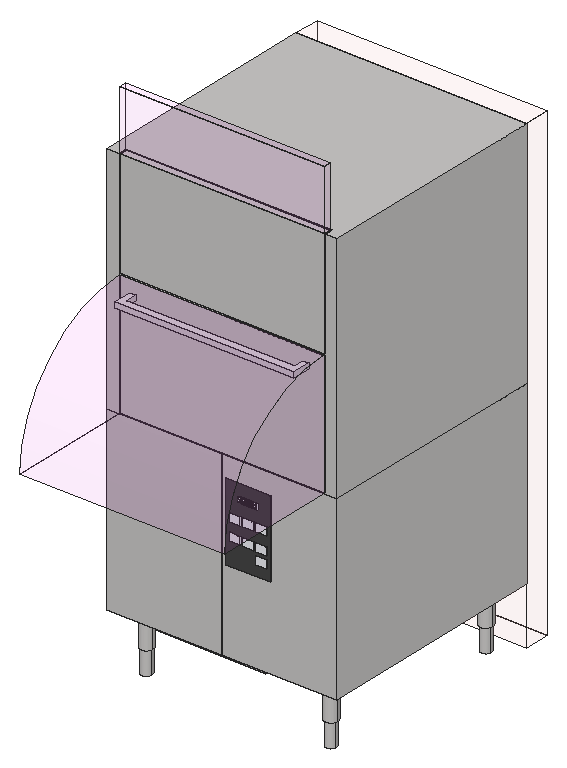
Revit family "QF_ZANUSSI_506051_ZPPWESG", category Specialty Equipment, Revit 2023
Family settings
  Round Connector Dimension = Use Diameter
  Part Type = Normal
  Work Plane-Based = No
  Enable Cutting in Views = No
  Always vertical = Yes
  Cut with Voids When Loaded = No
  Maintain Annotation Orientation = No
  Shared = No
  Room Calculation Point = No
Parameters (values of type "Standard")
  Weight = 200.00 kg
  Watts = 0 W
  Volts = 400 V
  URL Manufacturer = "http://www.zanussiprofessional.com"
  URL = "http://www.zanussiprofessional.com"
  Steam Supply Size = 0 mm
  Steam Supply Minimum Pressure = 0.0 Pa
  Steam Supply Maximum Pressure = 0.0 Pa
  Steam Consumption per Hour = 0
  Show Logo [instance] = yes
  Show Clearance [instance] = yes
  Refrigeration Suction Line Size = 0 mm
  Refrigeration Liquid Line Size = 0 mm
  Refrigerant Compressor Remote = yes
  Default Elevation = 0 mm
  Manufacturer = "Zanussi"
  Phase = 3
  Model = "ZPPWESG"
  Length Actual = 876 mm
  Item Number = "506051"
  Hot Water Size = 19.05 mm
  Height Actual = 1791 mm
  HP = "17.4 HP"
  Gas Size = 0 mm
  Gas KW = 0
  Gas Input Pressure = 0 W
  Direct Waste Size = 20 mm
  Description = "ELEC.POT&PAN WASHER+D.PUMP+DET-900MM"
  Depth Actual = 900 mm
  Cycle = 50 Hz
  Condensate Return Size = 0 mm
  Compressed Air Volume = 0.0 L/s
  Compressed Air Size = 0 mm
  Compressed Air Pressure = 0.0 Pa
  Cold Water Size = 0 mm
  Accessory = no
Reference planes
  plane 1 "Center (Front/Back)": y = 0
  plane 2: z = 0
  plane 3: x = -63
  plane 4 "LEFT": x = -501
  plane 5: x = 375
  plane 6: y = -450
  plane 7 "BACK": y = 450
  plane 8: z = 220
  plane 9: z = 115
  plane 10: z = 1791
Forms (mm)
  Extrusion 1, solid, material "QF_Finishes_Stainless Steel"
    sketch origin (88.519, -3.5, 0) x (1, 0, 0) y (0, 1, 0)
      loop
        line (-534.519, -88.5) -> (-534.519, -308.5) -> (-94.519, -308.5) -> (-94.519, -88.5) -> (-534.519, -88.5)
    from 115 to 220
  Extrusion 2, solid, material "QF_Finishes_Stainless Steel"
    sketch origin (0, 0, 0) x (1, 0, 0) y (0, 1, 0)
      loop
        line (-501, 450) -> (-501, -450) -> (-63, -450) -> (-63, 450) -> (-501, 450)
    from 220 to 904
  Extrusion 3, solid, material "QF_Finishes_Stainless Steel"
    sketch origin (0, 0, 0) x (1, 0, 0) y (0, 1, 0)
      loop
        line (-63, 450) -> (-63, -450) -> (375, -450) -> (375, 450) -> (-63, 450)
    from 220 to 904
  Extrusion 4, solid, material "QF_Finishes_Stainless Steel"
    sketch origin (0, 0, 0) x (1, 0, 0) y (0, 1, 0)
      loop
        line (-501, 450) -> (-501, -450) -> (-453, -450) -> (-453, -418) -> (327, -418) -> (327, -450) -> (375, -450) -> (375, 450) -> (-501, 450)
    from 904 to 1791
  Extrusion 5, solid, material "QF_Finishes_Stainless Steel"
    sketch origin (0, 0, 0) x (1, 0, 0) y (0, 1, 0)
      loop
        line (-453, -450) -> (327, -450) -> (327, -420) -> (-453, -420) -> (-453, -450)
    from 909 to 1377.938
  Extrusion 6, solid, material "QF_Finishes_Stainless Steel"
    sketch origin (0, 0, 0) x (1, 0, 0) y (0, 1, 0)
      loop
        line (-453, -450) -> (327, -450) -> (327, -420) -> (-453, -420) -> (-453, -450)
    from 1384.114 to 1791
  Extrusion 7, solid, material "QF_Finishes_Door Clearance", visible <- "Show Clearance"
    sketch origin (-229, -650, 546.718) x (0, 1, 0) y (0, 0, -1)
      loop
        line (200, -357.282) -> (-274, -357.282)
        arc (-274, -357.282) -> (-135.169, -692.45) -> (200, -831.282) r 474
        line (200, -831.282) -> (200, -357.282)
    from 224 to -556
  Extrusion 8, solid, material "QF_Finishes_Door Clearance", visible <- "Show Clearance"
    sketch origin (-229, -650, 1221.218) x (0, 1, 0) y (0, 0, -1)
      loop
        line (200, -569.782) -> (200, -798.782) -> (230, -798.782) -> (230, -569.782) -> (200, -569.782)
    from 224 to -556
  Extrusion 9, solid, material "QF_Finishes_Clearance", visible <- "Show Clearance"
    sketch origin (0, 0, 0) x (1, 0, 0) y (0, 1, 0)
      loop
        line (-501, 450) -> (375, 450) -> (375, 550) -> (-501, 550) -> (-501, 450)
    from 0 to 1791
  Extrusion 10, solid, material "QF_Finishes_Stainless Steel"
    sketch origin (-756.159, 1152.464, 214.383) x (1, 0, 0) y (0, 1, 0)
      loop
        circle (701.159, -772.464) r 10
    from -9.383 to 5.617
  Extrusion 11, solid, material "QF_Finishes_Stainless Steel"
    sketch origin (207.404, -238.023, 218) x (0, -1, 0) y (1, 0, 0)
      loop
        line (-163.023, 6.596) -> (-163.023, 26.596) -> (-183.023, 26.596) -> (-183.023, 6.596) -> (-163.023, 6.596)
    from 0 to 2
  Extrusion 12, solid, material "QF_Finishes_Stainless Steel"
    sketch origin (-127.596, 216.977, 218) x (0, -1, 0) y (1, 0, 0)
      loop
        line (-163.023, 6.596) -> (-163.023, 26.596) -> (-183.023, 26.596) -> (-183.023, 6.596) -> (-163.023, 6.596)
    from 0 to 2
  Extrusion 13, solid, material "QF_Finishes_Stainless Steel"
    sketch origin (-526.159, 606.464, 214.383) x (1, 0, 0) y (0, 1, 0)
      loop
        circle (701.159, -772.464) r 10
    from -9.383 to 5.617
  Extrusion 14, solid, material "QF_Finishes_Stainless Steel"
    sketch origin (-456.159, 516.464, 214.383) x (1, 0, 0) y (0, 1, 0)
      loop
        circle (701.159, -772.464) r 10
    from -9.383 to 5.617
Dimensions and locks
  equal spacing: plane 7 "BACK", plane 1 "Center (Front/Back)", plane 6
  plane 7 "BACK" to plane 6 = 900 mm  (x2)
  plane 4 "LEFT" to plane 5 = 876 mm
  equal spacing: Extrusion 2, Extrusion 4 sketch curve, Extrusion 4 sketch curve, Extrusion 4 sketch curve
  equal spacing: plane 5, plane 3, plane 4 "LEFT"
  plane 8 to level = 220 mm
  Extrusion 1 to Extrusion 1 = 220 mm
  Extrusion 1 to nested 2 to plane 6 = 59 mm, 79 mm
  Extrusion 9 to nested 1 to nested 2 = 83 mm, 738 mm
  plane 10 to level = 1791 mm
  Extrusion 8 to level = 2020 mm
  Extrusion 9 to Extrusion 7 = 1374 mm
  level to Extrusion 4 = 904 mm
  aligned and locked: level to plane 2
  aligned and locked: plane 8 to Extrusion 1
  aligned and locked: Extrusion 1 to plane 9
  aligned and locked: Extrusion 2 to plane 6
  aligned and locked: plane 7 "BACK" to Extrusion 2
  aligned and locked: Extrusion 2 to plane 4 "LEFT"
  aligned and locked: Extrusion 3 sketch curve to Extrusion 2  (x2)
  aligned and locked: plane 6 to Extrusion 3 sketch curve
  aligned and locked: Extrusion 3 sketch curve to plane 5
  aligned and locked: Extrusion 2 to plane 8
  aligned and locked: Extrusion 3 to plane 8
  aligned and locked: Extrusion 4 sketch curve to Extrusion 2  (x2)
  aligned and locked: Extrusion 5 sketch curve to plane 6
  aligned and locked: Extrusion 6 sketch curve to Extrusion 5  (x4)
  aligned and locked: Extrusion 6 to Extrusion 8 sketch curve
  aligned and locked: Extrusion 8 to Extrusion 6  (x2)
Automatic sketch dimensions
  plane 4 "LEFT" to Extrusion 1 sketch curve = 55 mm
  plane 3 to Extrusion 1 sketch curve = 57 mm
  plane 6 to Extrusion 1 sketch curve = 138 mm
  plane 1 "Center (Front/Back)" to Extrusion 1 sketch curve = 92 mm
  Extrusion 2 sketch curve to plane 4 "LEFT" = 0 mm
  Extrusion 2 sketch curve to plane 3 = 0 mm
  Extrusion 2 sketch curve to plane 6 = 0 mm
  Extrusion 2 sketch curve to plane 7 "BACK" = 0 mm
  Extrusion 4 sketch curve to plane 6 = 0 mm  (x2)
  Extrusion 4 sketch curve to plane 5 = 0 mm
  plane 4 "LEFT" to Extrusion 4 sketch curve = 48 mm
  Extrusion 4 sketch curve to Extrusion 4 sketch curve = 48 mm
  Extrusion 4 sketch curve to Extrusion 4 sketch curve = 32 mm
  plane 4 "LEFT" to Extrusion 5 sketch curve = 48 mm
  Extrusion 5 sketch curve to plane 5 = 48 mm
  Extrusion 5 sketch curve to Extrusion 5 sketch curve = 30 mm
  Extrusion 7 sketch curve to plane 6 = 0 mm
  Extrusion 7 sketch curve to plane 6 = 474 mm
  plane 10 to Extrusion 7 sketch curve = 413 mm
  Extrusion 8 sketch curve to plane 6 = 0 mm
  plane 10 to Extrusion 8 sketch curve = 0 mm
  Extrusion 8 sketch curve to Extrusion 8 sketch curve = 229 mm
  Extrusion 9 sketch curve to plane 4 "LEFT" = 0 mm
  Extrusion 9 sketch curve to plane 5 = 0 mm
  Extrusion 9 sketch curve to plane 7 "BACK" = 0 mm
  Extrusion 9 sketch curve to Extrusion 9 sketch curve = 100 mm
  Extrusion 10 sketch curve to plane 5 = 430 mm
  Extrusion 10 sketch curve to plane 7 "BACK" = 70 mm
  Extrusion 11 sketch curve to plane 7 "BACK" = 505 mm
  Extrusion 11 sketch curve to Extrusion 11 sketch curve = 20 mm  (x2)
  Extrusion 11 sketch curve to plane 5 = 161 mm
  Extrusion 12 sketch curve to plane 1 "Center (Front/Back)" = 400 mm
  Extrusion 12 sketch curve to Extrusion 12 sketch curve = 20 mm  (x2)
  Extrusion 12 sketch curve to plane 5 = 496 mm
  Extrusion 13 sketch curve to plane 5 = 200 mm
  Extrusion 13 sketch curve to plane 7 "BACK" = 616 mm
  Extrusion 14 sketch curve to plane 5 = 130 mm
  Extrusion 14 sketch curve to plane 7 "BACK" = 706 mm
  radius of Extrusion 10 sketch curve = 10 mm
  radius of Extrusion 13 sketch curve = 10 mm
  radius of Extrusion 14 sketch curve = 10 mm
Nested families
  nested 1: "Piedino H220 - DISHWASHING" at (288, 367, 0), type "Piedino H220 - DISHWASHING"
    with H 200 mm
  nested 2: "Piedino H220 - DISHWASHING" at (288, -371, 0), type "Piedino H220 - DISHWASHING"
    with H 200 mm
  nested 3: "Piedino H220 - DISHWASHING" at (-414, 367, 0) x (-1, 0, 0) z (0, 0, 1), type "Piedino H220 - DISHWASHING"
    with H 200 mm
  nested 4: "Piedino H220 - DISHWASHING" at (-414, -371, 0) x (-1, 0, 0) z (0, 0, 1), type "Piedino H220 - DISHWASHING"
    with H 200 mm
  nested 5: "MANIGLIA_DISHWASHING_SQUARE" at (-73, -450, 1321) x (1, 0, 0) z (0, -1, 0), type "MANIGLIA_DISHWASHING_SQUARE"
  nested 6: "Tastierino_DISHWASHING_NERO ZANUSSI - TASTI BIANCHI" at (37, -450, 680) x (1, 0, 0) z (0, -1, 0), type "Tastierino_DISHWASHING_NERO ZANUSSI - TASTI BIANCHI"
    with Show Logo yes
  nested 7: "ZANUSSI_Logo - WHITE" at (40.406, -451, 821.935) x (1, 0, 0) z (0, -1, 0), Show Logo <- "Show Logo", visible <- "Show Logo", type "ZANUSSI_Logo - WHITE"
    with Show Logo yes
Connectors
  piping at (-55, 380, 205), diameter 12.9
    settings: on Extrusion 10, index 48, connector inside diameter 609.6 mm, connector length 0 mm, flow factor 0, pipe flow 0.0 L/s, pressure drop 0.0 Pa, fitting loss kfactor 0, connector angle 0.00°, fixture units 0, engagement length 0 mm, angle of deflection 0.00°, flow configuration 0, flow direction 0, fitting loss method 0, system type 29, joint type 0, gender type 0, connector reference index -1, connector utility 0, adjustable connector no, is connector primary yes, connector description "D"
  electrical at (224, -65, 218)
    settings: on Extrusion 11, index 49, voltage 0 V, apparent load 0 VA, apparent load phase1 0 VA, apparent load phase2 0 VA, apparent load phase3 0 VA, power factor 1, load classification "Altro", number of poles 1, system type 30, power factor state 1, is connector primary yes, connector utility no, sub classification motor no, connector description "EI"
  electrical at (-111, 390, 218)
    settings: on Extrusion 12, index 50, voltage 0 V, apparent load 0 VA, apparent load phase1 0 VA, apparent load phase2 0 VA, apparent load phase3 0 VA, power factor 1, load classification "Altro", number of poles 1, system type 30, power factor state 1, is connector primary no, connector utility no, sub classification motor no, connector description "EQ"
  piping at (175, -166, 205), diameter 12.9
    settings: on Extrusion 13, index 51, connector inside diameter 609.6 mm, connector length 0 mm, flow factor 0, pipe flow 0.0 L/s, pressure drop 0.0 Pa, fitting loss kfactor 0, connector angle 0.00°, fixture units 0, engagement length 0 mm, angle of deflection 0.00°, flow configuration 0, flow direction 0, fitting loss method 0, system type 29, joint type 0, gender type 0, connector reference index -1, connector utility 0, adjustable connector no, is connector primary no, connector description "HWI"
  piping at (245, -256, 205), diameter 12.9
    settings: on Extrusion 14, index 52, connector inside diameter 609.6 mm, connector length 0 mm, flow factor 0, pipe flow 0.0 L/s, pressure drop 0.0 Pa, fitting loss kfactor 0, connector angle 0.00°, fixture units 0, engagement length 0 mm, angle of deflection 0.00°, flow configuration 0, flow direction 0, fitting loss method 0, system type 29, joint type 0, gender type 0, connector reference index -1, connector utility 0, adjustable connector no, is connector primary no, connector description "XD/XR"
Definition of nested family "Piedino H220 - DISHWASHING"
  Parameters (values of type "Piedino H220 - DISHWASHING")
    Default Elevation = 0 mm
    H [instance] = 200 mm
  Reference planes
    plane 1 "Centro (Fronte/Retro)": y = 0
    plane 2: z = 0
    plane 3 "Centro (Sinistra/Destra)": x = 0
    plane 4: z = 70.047
  Forms (mm)
    Revolve 1, solid
      sketch origin (55, 0, 0) x (-1, 0, 0) y (0, 0, -1)
        loop
          line (35, 0) -> (35, -90) -> (30, -90) -> (30, -220) -> (55, -220) -> (55, 0) -> (35, 0)
        axis (55, 0) -> (55, -220)
      angle from 0 to 360
  Dimensions and locks
    aligned and locked: level to plane 2
Definition of nested family "MANIGLIA_DISHWASHING_SQUARE"
  Parameters
    Default Elevation = 1219.2 mm
  Reference planes
    plane 1 "Centro (Fronte/Retro)": y = 0
    plane 2: z = 0
    plane 3 "Centro (Sinistra/Destra)": x = 0
    plane 4: z = 72
    plane 5: x = -340
    plane 6: x = 340
  Forms (mm)
    Extrusion 1, solid
      sketch origin (0, 0, 0) x (1, 0, 0) y (0, 1, 0)
        loop
          line (-1219.2, 1219.2) -> (-1219.2, -1219.2) -> (1219.2, -1219.2) -> (1219.2, 1219.2) -> (-1219.2, 1219.2)
      from 0 to -304.8
    Extrusion 2, solid
      sketch origin (0, 10.003, 0) x (1, 0, 0) y (0, 0, 1)
        loop
          line (-340, 0) -> (-320, 0) -> (-320, 42) -> (320, 42) -> (320, 0) -> (340, 0) -> (340, 72) -> (-340, 72) -> (-340, 0)
      from 0 to 20.005
  Dimensions and locks
    aligned and locked: plane 2 to Extrusion 1
    aligned and locked: level to Extrusion 1
Definition of nested family "Tastierino_DISHWASHING_NERO ZANUSSI - TASTI BIANCHI"
  Parameters (values of type "Tastierino_DISHWASHING_NERO ZANUSSI - TASTI BIANCHI")
    Show Logo [instance] = yes
    Default Elevation = 1219.2 mm
  Reference planes
    plane 1 "Centro (Fronte/Retro)": y = 0
    plane 2: z = 0
    plane 3 "Centro (Sinistra/Destra)": x = 0
  Forms (mm)
    Extrusion 1, solid
      sketch origin (0, 0, 0) x (1, 0, 0) y (0, 1, 0)
        loop
          line (-1219.2, 1219.2) -> (-1219.2, -1219.2) -> (1219.2, -1219.2) -> (1219.2, 1219.2) -> (-1219.2, 1219.2)
      from 0 to -304.8
    Extrusion 2, solid
      sketch origin (171.444, -670.217, 0) x (-1, 0, 0) y (0, -1, 0)
        loop
          line (255.889, -817.837) -> (255.889, -522.596) -> (87, -522.596) -> (87, -817.837) -> (255.889, -817.837)
      from 0 to 1
    Extrusion 3, solid
      sketch origin (171.444, -670.217, 0) x (-1, 0, 0) y (0, -1, 0)
        loop
          line (241.444, -638.939) -> (241.444, -608.939) -> (201.444, -608.939) -> (201.444, -638.939) -> (241.444, -638.939)
        loop
          line (191.444, -638.939) -> (191.444, -608.939) -> (151.444, -608.939) -> (151.444, -638.939) -> (191.444, -638.939)
        loop
          line (141.444, -638.939) -> (141.444, -608.939) -> (101.444, -608.939) -> (101.444, -638.939) -> (141.444, -638.939)
        loop
          line (141.444, -593.939) -> (141.444, -563.939) -> (101.444, -563.939) -> (101.444, -593.939) -> (141.444, -593.939)
        loop
          line (241.444, -705.217) -> (241.444, -675.217) -> (201.444, -675.217) -> (201.444, -705.217) -> (241.444, -705.217)
        loop
          line (191.444, -705.217) -> (191.444, -675.217) -> (151.444, -675.217) -> (151.444, -705.217) -> (191.444, -705.217)
        loop
          line (141.444, -705.217) -> (141.444, -675.217) -> (101.444, -675.217) -> (101.444, -705.217) -> (141.444, -705.217)
      from 0 to 2
  Dimensions and locks
    aligned and locked: plane 2 to Extrusion 1
    aligned and locked: level to Extrusion 1
Definition of nested family "ZANUSSI_Logo - WHITE"
  Parameters (values of type "ZANUSSI_Logo - WHITE")
    Show Logo [instance] = yes
    Default Elevation = 1219.2 mm
  Reference planes
    plane 1 "Center (Front/Back)": y = -49
    plane 2: z = 0
    plane 3 "Center (Left/Right)": x = -9.92
  Forms (mm)
    Extrusion 1, solid
      sketch origin (0, 0, 0) x (1, 0, 0) y (0, 1, 0)
        loop
          line (-1219.2, 1219.2) -> (-1219.2, -1219.2) -> (1219.2, -1219.2) -> (1219.2, 1219.2) -> (-1219.2, 1219.2)
      from 0 to -304.8
    Extrusion 2, solid, visible <- "Show Logo"
      sketch origin (106.353, -215.165, -50) x (1, 0, 0) y (0, 1, 0)
        loop
          line (-137.419, 156.48) -> (-137.419, 160.444) -> (-143.365, 160.444) -> (-137.419, 172.566) -> (-137.419, 175.851) -> (-147.274, 175.851) -> (-147.274, 172.226) -> (-142.063, 172.339) -> (-147.728, 160.444) -> (-147.728, 156.48) -> (-137.419, 156.48)
        loop
          line (-131.729, 163.73) -> (-129.463, 163.73) -> (-130.596, 172.54) -> (-131.729, 163.73)
        loop
          line (-132.748, 156.48) -> (-132.182, 160.218) -> (-128.897, 160.218) -> (-128.33, 156.48) -> (-124.252, 156.48) -> (-127.877, 175.851) -> (-133.315, 175.851) -> (-136.826, 156.48) -> (-132.748, 156.48)
        loop
          line (-123.75, 175.851) -> (-123.75, 156.48) -> (-120.238, 156.48) -> (-120.238, 169.281) -> (-116.953, 156.48) -> (-112.648, 156.48) -> (-112.648, 175.851) -> (-116.273, 175.851) -> (-116.273, 163.503) -> (-119.558, 175.851) -> (-123.75, 175.851)
        loop
          arc (-111.742, 161.27) -> (-106.896, 156.448) -> (-101.433, 160.558) r 5.22
          line (-101.433, 160.558) -> (-101.433, 175.851) -> (-105.398, 175.851) -> (-105.398, 161.464)
          arc (-105.398, 161.464) -> (-106.44, 160.263) -> (-107.777, 161.124) r 1.214
          line (-107.777, 161.124) -> (-107.777, 175.851) -> (-111.742, 175.851) -> (-111.742, 161.27)
        loop
          line (-94.069, 169.734) -> (-90.331, 169.734) -> (-90.269, 171.495)
          arc (-90.269, 171.495) -> (-90.53, 173.458) -> (-91.761, 175.009) r 3.719
          arc (-91.761, 175.009) -> (-95.38, 176.189) -> (-98.998, 175.009) r 6.139
          arc (-98.998, 175.009) -> (-100.474, 172.145) -> (-100.291, 168.927) r 6.125
          arc (-100.291, 168.927) -> (-99.079, 167.149) -> (-97.591, 165.594) r 13.068
          line (-97.591, 165.594) -> (-95.921, 164.113)
          arc (-95.921, 164.113) -> (-94.934, 163.275) -> (-94.167, 162.233) r 5.571
          arc (-94.167, 162.233) -> (-94.357, 160.41) -> (-96.143, 160.003) r 1.573
          arc (-96.143, 160.003) -> (-96.681, 160.547) -> (-96.911, 161.277) r 1.631
          arc (-96.911, 161.277) -> (-96.929, 161.791) -> (-96.911, 162.305) r 7.441
          arc (-96.911, 162.305) -> (-96.895, 162.791) -> (-96.911, 163.277) r 7.03
          line (-96.911, 163.277) -> (-100.866, 163.277)
          arc (-100.866, 163.277) -> (-100.828, 160.504) -> (-99.735, 157.955) r 7.131
          arc (-99.735, 157.955) -> (-94.571, 156.484) -> (-90.221, 159.633) r 6.148
          arc (-90.221, 159.633) -> (-90.141, 162.884) -> (-91.536, 165.823) r 7.021
          line (-91.536, 165.823) -> (-95.882, 169.734)
          arc (-95.882, 169.734) -> (-96.47, 170.472) -> (-96.785, 171.362) r 2.858
          arc (-96.785, 171.362) -> (-95.666, 172.959) -> (-94.069, 171.84) r 1.379
          line (-94.069, 171.84) -> (-94.069, 169.734)
        loop
          line (-82.771, 169.734) -> (-79.033, 169.734) -> (-78.971, 171.495)
          arc (-78.971, 171.495) -> (-79.232, 173.458) -> (-80.463, 175.009) r 3.719
          arc (-80.463, 175.009) -> (-84.081, 176.189) -> (-87.7, 175.009) r 6.139
          arc (-87.7, 175.009) -> (-89.175, 172.145) -> (-88.993, 168.927) r 6.125
          arc (-88.993, 168.927) -> (-87.781, 167.149) -> (-86.293, 165.594) r 13.068
          line (-86.293, 165.594) -> (-84.623, 164.113)
          arc (-84.623, 164.113) -> (-83.636, 163.275) -> (-82.869, 162.233) r 5.571
          arc (-82.869, 162.233) -> (-83.059, 160.41) -> (-84.845, 160.003) r 1.573
          arc (-84.845, 160.003) -> (-85.383, 160.547) -> (-85.613, 161.277) r 1.631
          arc (-85.613, 161.277) -> (-85.631, 161.791) -> (-85.613, 162.305) r 7.441
          arc (-85.613, 162.305) -> (-85.596, 162.791) -> (-85.613, 163.277) r 7.03
          line (-85.613, 163.277) -> (-89.568, 163.277)
          arc (-89.568, 163.277) -> (-89.53, 160.504) -> (-88.437, 157.955) r 7.131
          arc (-88.437, 157.955) -> (-83.272, 156.484) -> (-78.922, 159.633) r 6.148
          arc (-78.922, 159.633) -> (-78.843, 162.884) -> (-80.238, 165.823) r 7.021
          line (-80.238, 165.823) -> (-84.584, 169.734)
          arc (-84.584, 169.734) -> (-85.171, 170.472) -> (-85.486, 171.362) r 2.858
          arc (-85.486, 171.362) -> (-84.368, 172.959) -> (-82.771, 171.84) r 1.379
          line (-82.771, 171.84) -> (-82.771, 169.734)
        loop
          line (-78.21, 175.851) -> (-78.21, 156.48) -> (-74.245, 156.48) -> (-74.245, 175.851) -> (-78.21, 175.851)
      from 50 to 51.6
  Dimensions and locks
    aligned and locked: plane 2 to Extrusion 1
    aligned and locked: level to Extrusion 1
